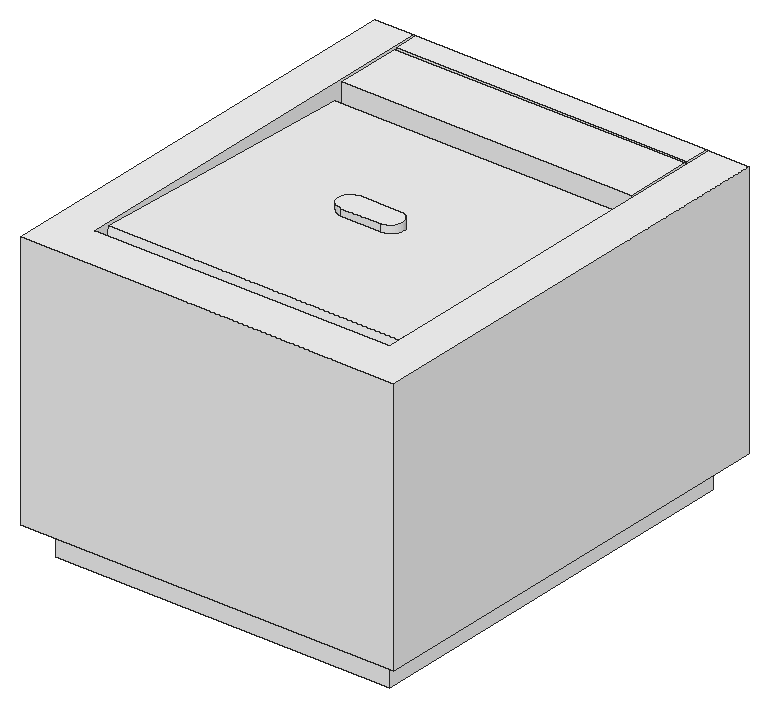
Revit family "Gira_020630", category Electrical Fixtures, host Face, Revit 2017
Family settings
  Host = Face
  Maintain Annotation Orientation = Yes
  Round Connector Dimension = Use Diameter
  Part Type = Normal
  Cut with Voids When Loaded = No
  Shared = No
  Room Calculation Point = No
Parameters (values of type "Abd. BSF + Glasscheibe WG AP Rot")
  White [instance] = White
  Werkstoffgüte = "sonstige"
  Werkstoff = "sonstige"
  Verwendung = "Schalter/Taster"
  URL = "http://katalog.gira.de/de_DE/datenblatt.html?artikelnr=020630"
  Region = "DE"
  RAL-Nummer (ähnlich) = "3000 "
  Oberfläche = "sonstige"
  Name = "Abd. BSF + Glasscheibe WG AP Rot"
  Mit austauschbarer Linse/Symbol = "Yes"
  Mit Beschriftungsfeld = "Yes"
  Manufacturer URL = "https://www.gira.de/"
  Kontrollfenster/Lichtauslass = "No"
  HeinzeBIM = "https://bimportal.heinze.de/bim/abd-bsf-glasscheibe-wg-ap-rot/3f852d1e259843d817850d7208d42c89a2ee0330"
  Halogenfrei = "Yes"
  HAN = "020630"
  Geeignet für Schutzart (IP) = "IP20"
  Geeignet für Bussystem-Tasterankopplung = "No"
  GTIN = "4010337206309"
  Farbe = "rot"
  Default Elevation = 1219.2 mm
  Data sheet (1) = "https://katalog.gira.de/de_DE/download.html?artikelnr=020630"
  Category = "Abdeckung/Bedienelement für Installationsschalterprogramme"
  Befestigungsart = "Schraubbefestigung"
  Available = "Yes"
  Ausführung = "einteilige Wippe"
  Aufdruck/Kennzeichnung = "ohne Aufdruck"
  Abtastbares Symbol/barrierefrei = "No"
Reference planes
  plane 1 "Center (Front/Back)": y = 0
  plane 2: z = 0
  plane 3 "Center (Left/Right)": x = 0
  plane 4: x = 30
  plane 5: x = -30
  plane 6: z = 41.4
Forms (mm)
  Extrusion 1, solid, material "White" <- "White", detail levels medium+fine
    sketch origin (0, 0, 0) x (1, 0, 0) y (0, 1, 0)
      loop
        line (-34, 41) -> (-34, -41) -> (34, -41) -> (34, 41) -> (-34, 41)
    from 0 to -6.2
  Extrusion 2, solid, material "White" <- "White", detail levels medium+fine
    sketch origin (0, 0, 0) x (1, 0, 0) y (0, 1, 0)
      loop
        line (-38, 45) -> (-38, -45) -> (38, -45) -> (38, 45) -> (-38, 45)
    from 0 to 52.4
  Extrusion 3, void
    sketch origin (0, 0, 0) x (1, 0, 0) y (0, 0, 1)
      loop
        line (-30, 59.413) -> (-30, 41.4) -> (30, 41.4) -> (30, 59.413) -> (-30, 59.413)
    from 36 to -113.06
  Extrusion 4, solid, material "White" <- "White", detail levels medium
    sketch origin (225, 0, 0) x (1, 0, 0) y (0, 1, 0)
      loop
        line (-254.5, 44.5) -> (-254.5, -35.5) -> (-195.5, -35.5) -> (-195.5, 44.5) -> (-254.5, 44.5)
    from 41.4 to 52.4
  Extrusion 5, solid, material "White" <- "White", detail levels fine
    sketch origin (0, 0, 0) x (1, 0, 0) y (0, 1, 0)
      loop
        line (-29.5, 45) -> (-29.5, 40) -> (29.5, 40) -> (29.5, 45) -> (-29.5, 45)
    from 41.4 to 52.4
  Extrusion 6, solid, material "White" <- "White", detail levels fine
    sketch origin (0, 0, 0) x (1, 0, 0) y (0, 1, 0)
      loop
        line (29.5, 39.5) -> (-29.5, 39.5) -> (-29.5, 26) -> (29.5, 26) -> (29.5, 39.5)
    from 41.4 to 52.4
  Extrusion 7, solid, material "White" <- "White", detail levels fine
    sketch origin (0, 0, 0) x (1, 0, 0) y (0, 1, 0)
      loop
        arc (-4, -1) -> (-6.5, -3.5) -> (-4, -6) r 2.5
        line (-4, -6) -> (4, -6)
        arc (4, -6) -> (6.5, -3.5) -> (4, -1) r 2.5
        line (4, -1) -> (-4, -1)
    from 41.4 to 52.4
  Extrusion 8, solid, material "White" <- "White", detail levels coarse
    sketch origin (0, 0, 0) x (1, 0, 0) y (0, 1, 0)
      loop
        line (-38, 46) -> (-38, -45) -> (38, -45) -> (38, 46) -> (-38, 46)
    from -6.2 to 52.4
  Extrusion 9, solid, material "White" <- "White", detail levels medium+fine
    sketch origin (0, 0, 0) x (1, 0, 0) y (0, 0, 1)
      loop
        circle (0, 14) r 3.6
    from -46 to -45
  Extrusion 10, solid, material "White" <- "White", detail levels fine
    sketch origin (0, 0, 0) x (0, 1, 0) y (0, 0, 1)
      loop
        line (-36, 41.4) -> (26, 41.4) -> (24.38, 49.736) -> (-33.115, 52.169) -> (-36, 41.4)
    from -29.5 to 29.5
Cuts and joins
  Extrusion 3 cuts Extrusion 2
Dimensions and locks
  aligned and locked: plane 2 to host face
  aligned and locked: level to host face
  aligned and locked: plane 3 "Center (Left/Right)" to nested 1
  aligned and locked: plane 1 "Center (Front/Back)" to nested 1
Nested families
  nested 1: "Schalter" at (0, 0, 0), type "Schalter"
Connectors
  electrical at (0, 0, -6.2)
    settings: on Extrusion 1, index 1, voltage 224 V, apparent load 0 VA, apparent load phase1 0 VA, apparent load phase2 0 VA, apparent load phase3 0 VA, power factor 1, load classification "Other", number of poles 1, system type 30, power factor state 1, is connector primary yes, connector utility no, sub classification motor no, connector description ""
Definition of nested family "Schalter"
  Reference planes
    plane 1: y = 0
    plane 2: x = 0
  Lines and regions (mm)
    detail lines
      curve 1: circle (1.375, 2.778, 0) r 0.8 normal (0, 0, 1)
      curve 2: line (1.021, 2.061, 0) -> (0, 0, 0)
      curve 3: line (0, 0, 0) -> (-0.538, 0.266, 0)
  Dimensions and locks
    curve 2 to curve 2 = 2.3 mm
    curve 3 to curve 2 = 0.6 mm
    radius of curve 1 = 0.8 mm
